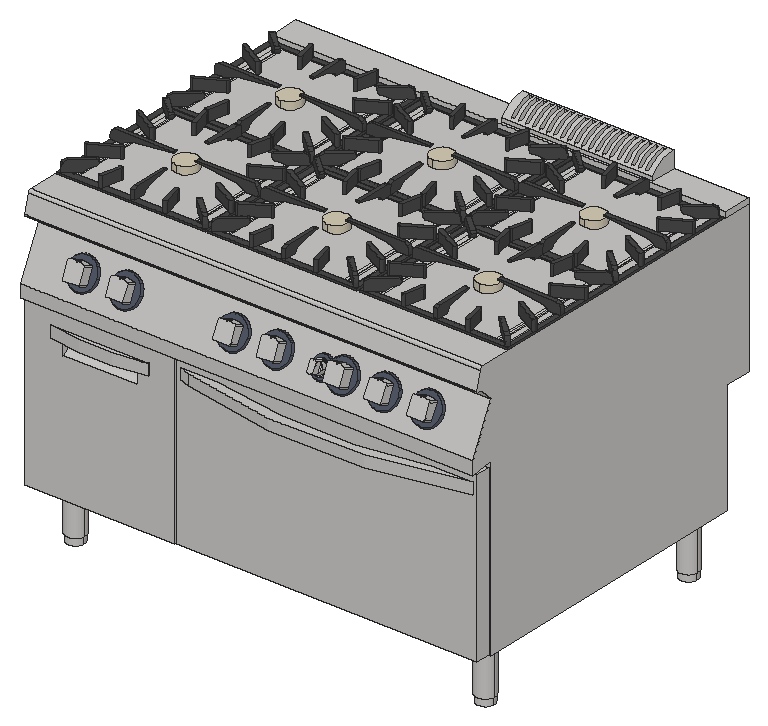
Revit family "QF_ZANUSSI_392013_Z9GCGL6S10", category Specialty Equipment, Revit 2018 (continued)
Dimensions and locks
  plane 13 to plane 1 "BACK" = 128 mm
  plane 9 "Base" to plane 2 = 150 mm
  plane 14 to plane 13 = 674 mm
  plane 15 to plane 1 "BACK" = 1309 mm
  Extrusion 3 sketch curve to plane 1 "BACK" = 665 mm
  Extrusion 3 sketch curve to plane 4 "RIGHT" = 51 mm
  plane 16 to plane 1 "BACK" = 665 mm
  plane 6 "TOP" to plane 2 = 908 mm
  plane 10 to plane 2 = 850 mm
  Extrusion 4 sketch curve to Extrusion 4 sketch curve = 100 mm
  aligned and locked: level to plane 2
  aligned and locked: plane 4 "RIGHT" to Extrusion 1
  aligned and locked: plane 4 "RIGHT" to Extrusion 2
Automatic sketch dimensions
  Extrusion 1 sketch curve to plane 11 = 0 mm
  Extrusion 1 sketch curve to plane 10 = 0 mm
  Extrusion 1 sketch curve to plane 9 "Base" = 0 mm
  Extrusion 1 sketch curve to plane 1 "BACK" = 0 mm
  plane 9 "Base" to Extrusion 1 sketch curve = 5 mm
  Extrusion 1 sketch curve to plane 11 = 15 mm
  Extrusion 1 sketch curve to plane 11 = 15.116 mm
  Extrusion 1 sketch curve to Extrusion 1 sketch curve = 2.884 mm
  Extrusion 1 sketch curve to plane 10 = 7.474 mm
  Extrusion 1 sketch curve to plane 11 = 28.167 mm
  Extrusion 1 sketch curve to Extrusion 1 sketch curve = 10.198 mm
  Extrusion 1 sketch curve to Extrusion 1 sketch curve = 40 mm
  Extrusion 1 sketch curve to Extrusion 1 sketch curve = 1.355 mm
  Extrusion 1 sketch curve to Extrusion 1 sketch curve = 0.445 mm
  Extrusion 1 sketch curve to Extrusion 1 sketch curve = 5 mm
  Extrusion 1 sketch curve to Extrusion 1 sketch curve = 31.82 mm  (x2)
  Extrusion 1 sketch curve to plane 13 = 57 mm
  Extrusion 1 sketch curve to Extrusion 1 sketch curve = 300 mm
  Extrusion 1 sketch curve to Extrusion 1 sketch curve = 242.526 mm
  Extrusion 1 sketch curve to Extrusion 1 sketch curve = 5.508 mm
  Extrusion 1 sketch curve to Extrusion 1 sketch curve = 10.259 mm
  Extrusion 1 sketch curve to Extrusion 1 sketch curve = 35 mm
  Extrusion 1 sketch curve to Extrusion 1 sketch curve = 81.162 mm
  Extrusion 1 sketch curve to Extrusion 1 sketch curve = 3 mm
  Extrusion 5 sketch curve to plane 1 "BACK" = 0 mm
  Extrusion 5 sketch curve to plane 6 "TOP" = 0 mm
  plane 1 "BACK" to Extrusion 5 sketch curve = 1.769 mm
  plane 10 to Extrusion 5 sketch curve = 23.813 mm
  plane 1 "BACK" to Extrusion 5 sketch curve = 69.85 mm
  plane 10 to Extrusion 5 sketch curve = 14.288 mm
  Extrusion 12 sketch curve to plane 7 "Center Y" = 202.5 mm
  Extrusion 12 sketch curve to Extrusion 12 sketch curve = 5 mm
  plane 9 "Base" to Extrusion 12 sketch curve = 5 mm
  Extrusion 12 sketch curve to plane 10 = 250 mm
  plane 15 to Extrusion 13 sketch curve = 0.028 mm
  plane 9 "Base" to Extrusion 13 sketch curve = 5 mm
  Extrusion 13 sketch curve to plane 11 = 15 mm
  plane 9 "Base" to Extrusion 13 sketch curve = 6.461 mm
  Extrusion 13 sketch curve to Extrusion 13 sketch curve = 36.025 mm
  Extrusion 16 sketch curve to plane 11 = 12.909 mm
  Extrusion 16 sketch curve to plane 11 = 15 mm
  Extrusion 16 sketch curve to Extrusion 16 sketch curve = 22 mm
  plane 9 "Base" to Extrusion 16 sketch curve = 347 mm
  Extrusion 16 sketch curve to Extrusion 16 sketch curve = 26 mm
  plane 7 "Center Y" to Blend 18 sketch curve = 179.5 mm  (x2)
  Blend 18 sketch curve to Blend 18 sketch curve = 53 mm  (x2)
  Blend 18 sketch curve to Blend 18 sketch curve = 0 mm  (x2)
  Blend 18 sketch curve to Blend 18 sketch curve = 17.95 mm
  Blend 18 sketch curve to Blend 18 sketch curve = 24.037 mm
  Blend 18 sketch curve to Blend 18 sketch curve = 18.422 mm
  Blend 18 sketch curve to Blend 18 sketch curve = 21.086 mm
  plane 7 "Center Y" to Extrusion 19 sketch curve = 177.499 mm
  plane 7 "Center Y" to Extrusion 20 sketch curve = 160.607 mm
  Extrusion 20 sketch curve to Extrusion 20 sketch curve = 6.058 mm
  Extrusion 20 sketch curve to Extrusion 20 sketch curve = 0.01 mm  (x2)
  Extrusion 20 sketch curve to Extrusion 20 sketch curve = 8.895 mm  (x2)
  Extrusion 20 sketch curve to Extrusion 20 sketch curve = 15.995 mm
  Extrusion 20 sketch curve to Extrusion 20 sketch curve = 2.827 mm  (x3)
  Extrusion 20 sketch curve to Extrusion 20 sketch curve = 0 mm
  Extrusion 20 sketch curve to Extrusion 20 sketch curve = 15.163 mm
  Extrusion 20 sketch curve to Extrusion 20 sketch curve = 15.173 mm
  plane 7 "Center Y" to Extrusion 21 sketch curve = 209.5 mm
  Extrusion 21 sketch curve to Extrusion 21 sketch curve = 2.997 mm  (x3)
  Extrusion 21 sketch curve to Extrusion 21 sketch curve = 20.003 mm  (x2)
  Extrusion 21 sketch curve to Extrusion 21 sketch curve = 40.005 mm
  Extrusion 21 sketch curve to Extrusion 21 sketch curve = 5.399 mm
  Extrusion 21 sketch curve to Extrusion 21 sketch curve = 40.037 mm
  Extrusion 21 sketch curve to Extrusion 21 sketch curve = 0 mm  (x2)
  Split face 27 sketch curve to Split face 27 sketch curve = 2.545 mm
  Split face 27 sketch curve to Split face 27 sketch curve = 4.379 mm
  Extrusion 24 sketch curve to plane 11 = 9.394 mm
  Extrusion 24 sketch curve to plane 10 = 111.98 mm
  Extrusion 24 sketch curve to Extrusion 24 sketch curve = 3 mm
  Extrusion 24 sketch curve to Extrusion 24 sketch curve = 0 mm  (x2)
  Extrusion 24 sketch curve to Extrusion 24 sketch curve = 1 mm
  Extrusion 24 sketch curve to Extrusion 24 sketch curve = 15 mm
  Extrusion 26 sketch curve to plane 11 = 9.394 mm
  Extrusion 26 sketch curve to plane 10 = 111.98 mm
  Extrusion 26 sketch curve to Extrusion 26 sketch curve = 3 mm
  Extrusion 26 sketch curve to Extrusion 26 sketch curve = 0 mm
  Extrusion 26 sketch curve to Extrusion 26 sketch curve = 1 mm  (x2)
  Extrusion 26 sketch curve to Extrusion 26 sketch curve = 15 mm
  plane 7 "Center Y" to Extrusion 30 sketch curve = 177.499 mm
  Extrusion 31 sketch curve to plane 11 = 9.394 mm
  Extrusion 31 sketch curve to plane 10 = 111.98 mm
  Extrusion 31 sketch curve to Extrusion 31 sketch curve = 3 mm
  Extrusion 31 sketch curve to Extrusion 31 sketch curve = 0 mm  (x2)
  Extrusion 31 sketch curve to Extrusion 31 sketch curve = 1 mm
  Extrusion 31 sketch curve to Extrusion 31 sketch curve = 15 mm
  plane 17 to Blend 32 sketch curve = 34.999 mm  (x2)
  plane 17 to Extrusion 33 sketch curve = 57.999 mm
  Extrusion 33 sketch curve to Extrusion 33 sketch curve = 2.997 mm  (x3)
  Extrusion 33 sketch curve to Extrusion 33 sketch curve = 20.003 mm
  plane 17 to Extrusion 33 sketch curve = 14.996 mm  (x2)
  Extrusion 33 sketch curve to Extrusion 33 sketch curve = 5.399 mm
  Extrusion 33 sketch curve to Extrusion 33 sketch curve = 40.037 mm
  Extrusion 33 sketch curve to Extrusion 33 sketch curve = 0 mm  (x2)
  Extrusion 34 sketch curve to plane 11 = 9.394 mm
  Extrusion 34 sketch curve to plane 10 = 111.98 mm
  Extrusion 34 sketch curve to Extrusion 34 sketch curve = 3 mm
  Extrusion 34 sketch curve to Extrusion 34 sketch curve = 0 mm  (x2)
  Extrusion 34 sketch curve to Extrusion 34 sketch curve = 1 mm
  Extrusion 34 sketch curve to Extrusion 34 sketch curve = 15 mm
  plane 17 to Extrusion 35 sketch curve = 52.499 mm
  plane 17 to Extrusion 35 sketch curve = 17.499 mm
  Extrusion 35 sketch curve to Extrusion 35 sketch curve = 35 mm
  Extrusion 36 sketch curve to plane 11 = 9.394 mm
  Extrusion 36 sketch curve to plane 10 = 111.98 mm
  Extrusion 36 sketch curve to Extrusion 36 sketch curve = 3 mm
  Extrusion 36 sketch curve to Extrusion 36 sketch curve = 0 mm
  Extrusion 36 sketch curve to Extrusion 36 sketch curve = 1 mm  (x2)
  Extrusion 36 sketch curve to Extrusion 36 sketch curve = 15 mm
  Extrusion 37 sketch curve to plane 17 = 97.501 mm
  Extrusion 37 sketch curve to Extrusion 37 sketch curve = 35 mm  (x2)
  Blend 38 sketch curve to plane 17 = 80.001 mm  (x2)
  Extrusion 39 sketch curve to plane 17 = 103.001 mm
  Extrusion 39 sketch curve to Extrusion 39 sketch curve = 2.997 mm  (x3)
  Extrusion 39 sketch curve to Extrusion 39 sketch curve = 20.003 mm  (x2)
  Extrusion 39 sketch curve to Extrusion 39 sketch curve = 40.005 mm
  Extrusion 39 sketch curve to Extrusion 39 sketch curve = 0 mm  (x2)
  Extrusion 39 sketch curve to Extrusion 39 sketch curve = 40.037 mm
  Extrusion 39 sketch curve to Extrusion 39 sketch curve = 5.399 mm
  Split face 45 sketch curve to Split face 45 sketch curve = 6 mm
  Split face 45 sketch curve to Split face 45 sketch curve = 10 mm
  Split face 46 sketch curve to Split face 46 sketch curve = 5 mm
  Split face 46 sketch curve to Split face 46 sketch curve = 9 mm
  Split face 47 sketch curve to Split face 47 sketch curve = 5 mm
  Split face 48 sketch curve to Split face 48 sketch curve = 5 mm
  Split face 49 sketch curve to Split face 49 sketch curve = 6 mm
  Split face 49 sketch curve to Split face 49 sketch curve = 10 mm
  Split face 50 sketch curve to Split face 50 sketch curve = 5 mm
  Split face 50 sketch curve to Split face 50 sketch curve = 9 mm
  Split face 51 sketch curve to Split face 51 sketch curve = 5 mm
  Split face 52 sketch curve to Split face 52 sketch curve = 5 mm
  Blend 40 sketch curve to plane 7 "Center Y" = 57.5 mm  (x2)
  Extrusion 41 sketch curve to plane 7 "Center Y" = 80.5 mm
  Extrusion 41 sketch curve to Extrusion 41 sketch curve = 2.997 mm  (x3)
  Extrusion 41 sketch curve to Extrusion 41 sketch curve = 20.003 mm  (x2)
  Extrusion 41 sketch curve to plane 7 "Center Y" = 37.497 mm
  Extrusion 41 sketch curve to Extrusion 41 sketch curve = 5.399 mm
  Extrusion 41 sketch curve to Extrusion 41 sketch curve = 40.037 mm
  Extrusion 41 sketch curve to Extrusion 41 sketch curve = 0 mm  (x2)
  Extrusion 42 sketch curve to plane 11 = 9.394 mm
  Extrusion 42 sketch curve to plane 10 = 111.98 mm
  Extrusion 42 sketch curve to Extrusion 42 sketch curve = 3 mm
  Extrusion 42 sketch curve to Extrusion 42 sketch curve = 0 mm  (x2)
  Extrusion 42 sketch curve to Extrusion 42 sketch curve = 1 mm
  Extrusion 42 sketch curve to Extrusion 42 sketch curve = 15 mm
  Extrusion 43 sketch curve to plane 7 "Center Y" = 75 mm
  Extrusion 43 sketch curve to plane 7 "Center Y" = 40 mm
  Extrusion 43 sketch curve to Extrusion 43 sketch curve = 35 mm
  Extrusion 44 sketch curve to plane 11 = 9.394 mm
  Extrusion 44 sketch curve to plane 10 = 111.98 mm
  Extrusion 44 sketch curve to Extrusion 44 sketch curve = 3 mm
  Extrusion 44 sketch curve to Extrusion 44 sketch curve = 0 mm
  Extrusion 44 sketch curve to Extrusion 44 sketch curve = 1 mm  (x2)
  Extrusion 44 sketch curve to Extrusion 44 sketch curve = 15 mm
  plane 7 "Center Y" to Extrusion 45 sketch curve = 75 mm
  Extrusion 45 sketch curve to Extrusion 45 sketch curve = 35 mm  (x2)
  plane 7 "Center Y" to Blend 46 sketch curve = 57.5 mm  (x2)
  plane 7 "Center Y" to Extrusion 47 sketch curve = 80.5 mm
  Extrusion 47 sketch curve to Extrusion 47 sketch curve = 2.997 mm  (x3)
  Extrusion 47 sketch curve to Extrusion 47 sketch curve = 20.003 mm  (x2)
  Extrusion 47 sketch curve to Extrusion 47 sketch curve = 40.005 mm
  Extrusion 47 sketch curve to Extrusion 47 sketch curve = 0 mm  (x2)
  Extrusion 47 sketch curve to Extrusion 47 sketch curve = 40.037 mm
  Extrusion 47 sketch curve to Extrusion 47 sketch curve = 5.399 mm
  Split face 61 sketch curve to Split face 61 sketch curve = 6 mm
  Split face 61 sketch curve to Split face 61 sketch curve = 10 mm
  Split face 62 sketch curve to Split face 62 sketch curve = 5 mm
  Split face 62 sketch curve to Split face 62 sketch curve = 9 mm
  Split face 63 sketch curve to Split face 63 sketch curve = 5 mm
  Split face 64 sketch curve to Split face 64 sketch curve = 5 mm
  Split face 65 sketch curve to Split face 65 sketch curve = 6 mm
  Split face 65 sketch curve to Split face 65 sketch curve = 10 mm
  Split face 66 sketch curve to Split face 66 sketch curve = 5 mm
  Split face 66 sketch curve to Split face 66 sketch curve = 9 mm
  Split face 67 sketch curve to Split face 67 sketch curve = 5 mm
  Split face 68 sketch curve to Split face 68 sketch curve = 5 mm
  plane 11 to curve 9 = 0 mm
  curve 2 to plane 4 "RIGHT" = 0 mm
  plane 1 "BACK" to curve 90 = 0 mm
  plane 11 to curve 184 = 0 mm
  curve 184 to plane 15 = 0 mm
  curve 1 to plane 3 "LEFT" = 0 mm
  plane 11 to curve 7 = 0 mm
  plane 11 to curve 5 = 0 mm
  plane 11 to curve 4 = 0 mm
  plane 4 "RIGHT" to curve 8 = 100 mm
  plane 1 "BACK" to curve 61 = 6.761 mm
  curve 61 to plane 4 "RIGHT" = 212.447 mm
  curve 58 to curve 60 = 9.296 mm
  curve 60 to curve 65 = 9.397 mm
  curve 62 to curve 64 = 9.296 mm
  curve 64 to curve 66 = 9.397 mm
  curve 66 to curve 68 = 9.296 mm
  curve 68 to curve 73 = 9.397 mm
  curve 70 to curve 72 = 9.296 mm
  curve 71 to curve 74 = 9.397 mm
  curve 74 to curve 76 = 9.296 mm
  curve 76 to curve 81 = 9.397 mm
  curve 78 to curve 80 = 9.296 mm
  curve 79 to curve 83 = 9.397 mm
  curve 82 to curve 83 = 9.296 mm
  curve 84 to curve 86 = 9.397 mm
  curve 86 to curve 89 = 9.296 mm
  curve 88 to curve 14 = 9.397 mm
  curve 14 to curve 16 = 9.296 mm
  curve 16 to curve 21 = 9.397 mm
  curve 18 to curve 20 = 9.296 mm
  curve 20 to curve 22 = 9.397 mm
  curve 22 to curve 24 = 9.296 mm
  curve 23 to curve 27 = 9.397 mm
  curve 26 to curve 28 = 9.296 mm
  curve 28 to curve 30 = 9.397 mm
  curve 30 to curve 32 = 9.296 mm
  curve 32 to curve 34 = 9.397 mm
  curve 34 to curve 37 = 9.296 mm
  curve 36 to curve 38 = 9.397 mm
  curve 38 to curve 40 = 9.296 mm
  curve 39 to curve 42 = 9.397 mm
  curve 42 to curve 44 = 9.296 mm
  curve 44 to curve 46 = 9.397 mm
  curve 46 to curve 48 = 9.296 mm
  curve 48 to curve 50 = 9.397 mm
  curve 50 to curve 51 = 9.296 mm
  curve 52 to curve 54 = 9.397 mm
  curve 54 to curve 56 = 9.296 mm
  curve 56 to curve 13 = 9.397 mm
  curve 10 to curve 12 = 9.296 mm
  curve 184 to plane 7 "Center Y" = 197.5 mm
  curve 7 to plane 3 "LEFT" = 100 mm
  curve 8 to plane 1 "BACK" = 100 mm
  plane 1 "BACK" to curve 85 = 6.761 mm
  plane 1 "BACK" to curve 88 = 6.761 mm
  plane 1 "BACK" to curve 45 = 6.761 mm
  plane 1 "BACK" to curve 81 = 6.761 mm
  plane 1 "BACK" to curve 10 = 6.761 mm
  plane 1 "BACK" to curve 77 = 6.761 mm
  plane 1 "BACK" to curve 14 = 6.761 mm
  plane 1 "BACK" to curve 73 = 6.761 mm
  plane 1 "BACK" to curve 18 = 6.761 mm
  plane 1 "BACK" to curve 69 = 6.761 mm
  plane 1 "BACK" to curve 22 = 6.761 mm
  plane 1 "BACK" to curve 65 = 6.761 mm
  plane 1 "BACK" to curve 26 = 6.761 mm
  plane 1 "BACK" to curve 30 = 6.761 mm
  plane 1 "BACK" to curve 57 = 6.761 mm
  plane 1 "BACK" to curve 34 = 6.761 mm
  plane 1 "BACK" to curve 53 = 6.761 mm
  plane 1 "BACK" to curve 38 = 6.761 mm
  plane 1 "BACK" to curve 49 = 6.761 mm
  curve 46 to curve 47 = 57.15 mm
  curve 46 to curve 44 = 0 mm
  curve 42 to curve 40 = 0 mm
  curve 50 to curve 47 = 0 mm
  curve 38 to curve 36 = 0 mm
  curve 54 to curve 51 = 0 mm
  curve 34 to curve 32 = 0 mm
  curve 58 to curve 58 = 57.15 mm
  curve 30 to curve 28 = 0 mm
  curve 62 to curve 59 = 0 mm
  curve 26 to curve 24 = 0 mm
  curve 66 to curve 63 = 0 mm
  curve 22 to curve 20 = 0 mm
  curve 70 to curve 67 = 0 mm
  curve 18 to curve 16 = 0 mm
  curve 74 to curve 71 = 0 mm
  curve 12 to curve 55 = 0 mm
  curve 78 to curve 75 = 0 mm
  curve 14 to curve 86 = 0 mm
  curve 82 to curve 79 = 0 mm
  curve 90 to curve 58 = 14.847 mm
  plane 7 "Center Y" to curve 91 = 2.4 mm
  curve 11 to curve 91 = 5.939 mm
  curve 58 to curve 90 = 5.939 mm
  plane 15 to curve 1 = 36.871 mm
  Extrusion 2 sketch curve to Extrusion 1 = 0 mm  (x2)
  Extrusion 2 sketch curve to Extrusion 1 = 5.2 mm
  Extrusion 1 to Extrusion 2 sketch curve = 14.288 mm
  plane 11 to Extrusion 4 sketch curve = 0 mm  (x2)
  plane 1 "BACK" to Extrusion 4 sketch curve = 0 mm
  Extrusion 4 sketch curve to plane 3 "LEFT" = 0 mm
  Extrusion 4 sketch curve to plane 4 "RIGHT" = 0 mm
  Extrusion 4 sketch curve to plane 3 "LEFT" = 100 mm
  plane 4 "RIGHT" to Extrusion 4 sketch curve = 100 mm
  Revolve 6 sketch curve to plane 9 "Base" = 0 mm  (x2)
  Revolve 6 sketch curve to level = 0 mm
  plane 3 "LEFT" to Revolve 6 sketch curve = 30.6 mm
  Revolve 6 sketch curve to Revolve 6 sketch curve = 2.5 mm
  Revolve 6 sketch curve to Revolve 6 sketch curve = 25.4 mm
  level to Revolve 6 sketch curve = 19.05 mm
  Revolve 6 sketch curve to Revolve 6 sketch curve = 0 mm
  plane 9 "Base" to Revolve 6 sketch curve = 20 mm
  Revolve 7 sketch curve to plane 9 "Base" = 0 mm  (x2)
  Revolve 7 sketch curve to level = 0 mm
  Revolve 7 sketch curve to plane 4 "RIGHT" = 30.6 mm
  Revolve 7 sketch curve to Revolve 7 sketch curve = 2.5 mm
  Revolve 7 sketch curve to Revolve 7 sketch curve = 25.4 mm
  level to Revolve 7 sketch curve = 19.05 mm
  Revolve 7 sketch curve to Revolve 7 sketch curve = 0 mm
  plane 9 "Base" to Revolve 7 sketch curve = 20 mm
  Revolve 8 sketch curve to plane 9 "Base" = 0 mm  (x2)
  Revolve 8 sketch curve to level = 0 mm
  plane 3 "LEFT" to Revolve 8 sketch curve = 30.6 mm
  Revolve 8 sketch curve to Revolve 8 sketch curve = 2.5 mm
  Revolve 8 sketch curve to Revolve 8 sketch curve = 25.4 mm
  level to Revolve 8 sketch curve = 19.05 mm
  Revolve 8 sketch curve to Revolve 8 sketch curve = 0 mm
  plane 9 "Base" to Revolve 8 sketch curve = 20 mm
  Revolve 9 sketch curve to plane 9 "Base" = 0 mm  (x2)
  Revolve 9 sketch curve to level = 0 mm
  Revolve 9 sketch curve to plane 4 "RIGHT" = 30.6 mm
  Revolve 9 sketch curve to Revolve 9 sketch curve = 2.5 mm
  Revolve 9 sketch curve to Revolve 9 sketch curve = 25.4 mm
  level to Revolve 9 sketch curve = 19.05 mm
  Revolve 9 sketch curve to Revolve 9 sketch curve = 0 mm
  plane 9 "Base" to Revolve 9 sketch curve = 20 mm
  Extrusion 10 sketch curve to plane 4 "RIGHT" = 43 mm
  plane 16 to Extrusion 10 sketch curve = 89 mm
  plane 1 "BACK" to Extrusion 11 sketch curve = 63.911 mm  (x2)
  Extrusion 11 sketch curve to plane 4 "RIGHT" = 212.447 mm
  Extrusion 11 sketch curve to Extrusion 11 sketch curve = 9.296 mm  (x20)
  Extrusion 11 sketch curve to Extrusion 11 sketch curve = 9.397 mm  (x19)
  Extrusion 11 sketch curve to Extrusion 11 sketch curve = 0 mm  (x18)
  plane 1 "BACK" to Extrusion 11 sketch curve = 6.761 mm  (x20)
  Extrusion 14 sketch curve to Extrusion 14 sketch curve = 0 mm  (x6)
  Extrusion 14 sketch curve to plane 4 "RIGHT" = 10 mm
  Extrusion 14 sketch curve to plane 11 = 15 mm  (x2)
  Extrusion 14 sketch curve to Extrusion 14 sketch curve = 93.605 mm
  plane 7 "Center Y" to Extrusion 14 sketch curve = 200 mm
  Extrusion 14 sketch curve to plane 1 "BACK" = 337.5 mm
  Extrusion 14 sketch curve to plane 11 = 4.65 mm
  Extrusion 15 sketch curve to plane 11 = 15 mm
  Extrusion 15 sketch curve to plane 17 = 152.774 mm
  Extrusion 15 sketch curve to plane 17 = 22.501 mm
  plane 3 "LEFT" to Extrusion 15 sketch curve = 69.727 mm
  plane 8 "Center X" to Extrusion 15 sketch curve = 44.497 mm
  Extrusion 15 sketch curve to Extrusion 15 sketch curve = 0.915 mm
  Extrusion 17 sketch curve to plane 3 "LEFT" = 0 mm
  Extrusion 17 sketch curve to Extrusion 17 sketch curve = 1.271 mm
  Extrusion 17 sketch curve to plane 11 = 42.863 mm
  Extrusion 17 sketch curve to plane 7 "Center Y" = 201.277 mm
  Blend 22 sketch curve to plane 4 "RIGHT" = 257.5 mm  (x2)
  Extrusion 23 sketch curve to plane 4 "RIGHT" = 280.5 mm
  Extrusion 23 sketch curve to Extrusion 23 sketch curve = 2.997 mm  (x3)
  Extrusion 23 sketch curve to Extrusion 23 sketch curve = 20.003 mm  (x2)
  Extrusion 23 sketch curve to Extrusion 23 sketch curve = 40.005 mm
  Extrusion 23 sketch curve to Extrusion 23 sketch curve = 5.399 mm
  Extrusion 23 sketch curve to Extrusion 23 sketch curve = 40.037 mm
  Extrusion 23 sketch curve to Extrusion 23 sketch curve = 0 mm  (x2)
  Extrusion 25 sketch curve to plane 4 "RIGHT" = 275 mm
  Extrusion 25 sketch curve to Extrusion 25 sketch curve = 35 mm  (x2)
  Extrusion 27 sketch curve to plane 4 "RIGHT" = 125 mm
  Extrusion 27 sketch curve to Extrusion 27 sketch curve = 35 mm  (x2)
  Blend 28 sketch curve to plane 4 "RIGHT" = 142.5 mm  (x2)
  Extrusion 29 sketch curve to plane 4 "RIGHT" = 119.5 mm
  Extrusion 29 sketch curve to Extrusion 29 sketch curve = 2.997 mm  (x3)
  Extrusion 29 sketch curve to Extrusion 29 sketch curve = 20.003 mm  (x2)
  Extrusion 29 sketch curve to Extrusion 29 sketch curve = 40.005 mm
  Extrusion 29 sketch curve to Extrusion 29 sketch curve = 0 mm  (x2)
  Extrusion 29 sketch curve to Extrusion 29 sketch curve = 40.037 mm
  Extrusion 29 sketch curve to Extrusion 29 sketch curve = 5.399 mm
  Split face 29 sketch curve to Split face 29 sketch curve = 6 mm
  Split face 29 sketch curve to Split face 29 sketch curve = 10 mm
  Split face 30 sketch curve to Split face 30 sketch curve = 5 mm
  Split face 30 sketch curve to Split face 30 sketch curve = 9 mm
  Split face 31 sketch curve to Split face 31 sketch curve = 5 mm
  Split face 32 sketch curve to Split face 32 sketch curve = 5 mm
  Split face 33 sketch curve to Split face 33 sketch curve = 6 mm
  Split face 33 sketch curve to Split face 33 sketch curve = 10 mm
  Split face 34 sketch curve to Split face 34 sketch curve = 5 mm
  Split face 34 sketch curve to Split face 34 sketch curve = 9 mm
  Split face 35 sketch curve to Split face 35 sketch curve = 5 mm
  Split face 36 sketch curve to Split face 36 sketch curve = 5 mm
  curve 230 to plane 11 = 17.937 mm
  plane 7 "Center Y" to curve 230 = 177.499 mm
  curve 225 to curve 230 = 0.001 mm
  curve 223 to curve 225 = 7.996 mm
  curve 226 to curve 226 = 2.259 mm
  curve 225 to curve 226 = 0.319 mm
  curve 225 to curve 223 = 3.717 mm
  curve 226 to curve 225 = 1.423 mm
  curve 229 to curve 225 = 4.288 mm
  curve 225 to curve 224 = 0.001 mm
  curve 227 to curve 227 = 0.865 mm
  curve 227 to curve 227 = 2.495 mm
  curve 227 to curve 224 = 0.141 mm
  curve 222 to curve 224 = 3.718 mm
  curve 224 to curve 225 = 4.284 mm
  curve 225 to curve 224 = 0 mm
  curve 230 to curve 225 = 2.937 mm
  curve 230 to curve 224 = 2.937 mm
  curve 225 to curve 229 = 0 mm
  curve 228 to curve 224 = 0 mm
  curve 225 to curve 223 = 1.224 mm
  curve 224 to curve 222 = 1.224 mm
  curve 228 to curve 228 = 4.847 mm
  curve 230 to curve 224 = 7.784 mm
  curve 228 to curve 225 = 0.003 mm
  curve 229 to curve 229 = 4.85 mm
  curve 225 to curve 226 = 0.047 mm
  curve 227 to curve 227 = 2.86 mm
  curve 227 to curve 222 = 10.261 mm
  curve 181 to curve 182 = 0 mm  (x2)
  curve 181 to curve 183 = 0 mm  (x2)
  curve 181 to curve 203 = 0 mm  (x2)
  curve 159 to plane 3 "LEFT" = 0 mm
  curve 93 to plane 3 "LEFT" = 0 mm
  curve 185 to plane 3 "LEFT" = 0 mm
  curve 158 to plane 3 "LEFT" = 0 mm
  plane 11 to curve 220 = 0 mm
  plane 11 to curve 221 = 0 mm
  curve 163 to plane 4 "RIGHT" = 0 mm
  curve 93 to plane 4 "RIGHT" = 0 mm
  curve 158 to plane 4 "RIGHT" = 0 mm
  curve 185 to plane 3 "LEFT" = 1.271 mm
  plane 11 to curve 94 = 9.347 mm
  plane 17 to curve 94 = 57.999 mm
  curve 95 to curve 95 = 0.809 mm
  curve 98 to curve 98 = 1.583 mm
  curve 95 to curve 96 = 1.846 mm
  curve 95 to curve 109 = 2.189 mm
  curve 94 to curve 97 = 11.892 mm
  curve 101 to plane 11 = 9.329 mm
  curve 98 to curve 101 = 20.417 mm
  plane 17 to curve 99 = 35.868 mm
  curve 99 to curve 108 = 1.738 mm
  curve 100 to curve 102 = 2 mm
  curve 97 to curve 106 = 22.215 mm
  plane 17 to curve 109 = 14.996 mm
  curve 105 to curve 105 = 0.343 mm
  plane 17 to curve 107 = 13.582 mm
  curve 109 to curve 104 = 2.189 mm
  curve 104 to curve 103 = 0.809 mm
  plane 11 to curve 110 = 9.347 mm
  curve 110 to plane 17 = 57.001 mm
  curve 111 to curve 111 = 0.809 mm
  curve 114 to curve 114 = 1.583 mm
  curve 111 to curve 112 = 1.846 mm
  curve 111 to curve 125 = 2.189 mm
  curve 110 to curve 113 = 11.892 mm
  curve 117 to plane 11 = 9.329 mm
  curve 114 to curve 117 = 20.417 mm
  curve 115 to plane 17 = 79.132 mm
  curve 115 to curve 124 = 1.738 mm
  curve 116 to curve 118 = 2 mm
  curve 113 to curve 122 = 22.215 mm
  curve 117 to curve 125 = 19.003 mm
  curve 121 to curve 121 = 0.343 mm
  curve 121 to curve 123 = 1.071 mm
  curve 121 to curve 120 = 2.189 mm
  curve 120 to curve 119 = 0.809 mm
  plane 11 to curve 204 = 9.347 mm
  curve 204 to plane 7 "Center Y" = 80.5 mm
  curve 204 to curve 205 = 0.809 mm
  curve 208 to curve 208 = 1.583 mm
  curve 205 to curve 206 = 1.846 mm
  curve 204 to curve 207 = 11.892 mm
  curve 210 to plane 11 = 9.329 mm
  curve 208 to curve 210 = 20.417 mm
  curve 209 to plane 7 "Center Y" = 58.369 mm
  curve 209 to curve 218 = 1.738 mm
  curve 210 to curve 211 = 2 mm
  curve 207 to curve 216 = 22.215 mm
  curve 211 to curve 219 = 19.003 mm
  curve 215 to curve 215 = 0.343 mm
  curve 215 to curve 217 = 1.071 mm
  curve 215 to curve 214 = 2.189 mm
  curve 214 to curve 213 = 0.809 mm
  plane 11 to curve 186 = 9.347 mm
  plane 7 "Center Y" to curve 186 = 34.5 mm
  curve 186 to curve 187 = 0.809 mm
  curve 190 to curve 190 = 1.583 mm
  curve 187 to curve 188 = 1.846 mm
  curve 186 to curve 189 = 11.892 mm
  curve 193 to plane 11 = 9.329 mm
  curve 190 to curve 193 = 20.417 mm
  plane 7 "Center Y" to curve 191 = 56.631 mm
  curve 191 to curve 200 = 1.738 mm
  curve 192 to curve 193 = 2 mm
  curve 189 to curve 198 = 22.215 mm
  curve 193 to curve 202 = 19.003 mm
  curve 202 to curve 197 = 0.343 mm
  curve 197 to curve 199 = 1.071 mm
  curve 202 to curve 196 = 2.189 mm
  curve 196 to curve 195 = 0.809 mm
  curve 231 to plane 11 = 13.86 mm
  curve 195 to curve 231 = 87.327 mm
  curve 231 to curve 232 = 19.344 mm
  plane 7 "Center Y" to curve 183 = 200 mm
  plane 11 to curve 126 = 9.347 mm
  curve 232 to curve 126 = 22.329 mm
  curve 127 to curve 127 = 0.809 mm
  curve 130 to curve 130 = 1.583 mm
  curve 127 to curve 128 = 1.846 mm
  curve 127 to curve 141 = 2.189 mm
  curve 126 to curve 129 = 11.892 mm
  curve 133 to plane 11 = 9.329 mm
  curve 130 to curve 133 = 20.417 mm
  curve 128 to curve 131 = 19.134 mm
  curve 131 to curve 140 = 1.738 mm
  curve 132 to curve 134 = 2 mm
  curve 129 to curve 138 = 22.215 mm
  curve 133 to curve 141 = 19.003 mm
  curve 141 to curve 137 = 0.343 mm
  curve 137 to curve 139 = 1.071 mm
  curve 141 to curve 136 = 2.189 mm
  curve 136 to curve 135 = 0.809 mm
  plane 11 to curve 164 = 9.347 mm
  curve 135 to curve 164 = 64 mm
  curve 165 to curve 165 = 0.809 mm
  curve 168 to curve 168 = 1.583 mm
  curve 165 to curve 166 = 1.846 mm
  curve 165 to curve 179 = 2.189 mm
  curve 164 to curve 167 = 11.892 mm
  curve 170 to plane 11 = 9.329 mm
  curve 168 to curve 170 = 20.417 mm
  curve 166 to curve 169 = 19.134 mm
  curve 169 to curve 178 = 1.738 mm
  curve 170 to curve 172 = 2 mm
  curve 167 to curve 176 = 22.215 mm
  curve 171 to curve 179 = 19.003 mm
  curve 179 to curve 175 = 0.343 mm
  curve 175 to curve 177 = 1.071 mm
  curve 175 to curve 174 = 2.189 mm
  curve 174 to curve 173 = 0.809 mm
  plane 11 to curve 142 = 9.347 mm
  curve 173 to curve 142 = 69 mm
  curve 143 to curve 143 = 0.809 mm
  curve 146 to curve 146 = 1.583 mm
  curve 143 to curve 144 = 1.846 mm
  curve 143 to curve 157 = 2.189 mm
  curve 142 to curve 145 = 11.892 mm
  curve 149 to plane 11 = 9.329 mm
  curve 146 to curve 149 = 20.417 mm
  curve 144 to curve 147 = 19.134 mm
  curve 147 to curve 156 = 1.738 mm
  curve 148 to curve 150 = 2 mm
  curve 145 to curve 154 = 22.215 mm
  curve 149 to curve 157 = 19.003 mm
  curve 153 to curve 153 = 0.343 mm
  curve 153 to curve 155 = 1.071 mm
  curve 157 to curve 152 = 2.189 mm
  curve 152 to curve 151 = 0.809 mm
  curve 119 to curve 220 = 9.347 mm
  curve 109 to curve 95 = 1.333 mm
  plane 11 to curve 179 = 10.68 mm
  curve 125 to curve 111 = 1.333 mm
  plane 11 to curve 219 = 10.68 mm
  plane 11 to curve 141 = 10.68 mm
  plane 11 to curve 202 = 10.68 mm
  plane 11 to curve 157 = 10.68 mm
  curve 115 to curve 112 = 86.839 mm
  curve 99 to curve 96 = 86.839 mm
  curve 209 to curve 206 = 86.839 mm
  curve 191 to curve 183 = 86.839 mm
  curve 191 to curve 200 = 0 mm
  curve 147 to curve 144 = 86.839 mm
  curve 209 to curve 218 = 0 mm
  curve 131 to curve 128 = 86.839 mm
  curve 147 to curve 156 = 0 mm
  curve 169 to curve 183 = 86.839 mm
  curve 115 to curve 124 = 0 mm
  curve 131 to curve 140 = 0 mm
  curve 169 to curve 178 = 0 mm
  curve 99 to curve 108 = 0 mm
  curve 175 to curve 174 = 1.333 mm
  curve 202 to curve 195 = 1.333 mm
  curve 109 to curve 104 = 1.333 mm
  curve 215 to curve 213 = 1.333 mm
  curve 157 to curve 152 = 1.333 mm
  curve 141 to curve 135 = 1.333 mm
  curve 127 to curve 128 = 2.779 mm
  curve 165 to curve 166 = 2.779 mm
  curve 174 to curve 175 = 2.779 mm
  curve 120 to curve 121 = 2.779 mm
  curve 136 to curve 137 = 2.779 mm
  curve 187 to curve 188 = 2.779 mm
  curve 143 to curve 144 = 2.779 mm
  curve 111 to curve 112 = 2.779 mm
  curve 196 to curve 197 = 2.779 mm
  curve 104 to curve 105 = 2.779 mm
  curve 214 to curve 215 = 2.779 mm
  curve 205 to curve 206 = 2.779 mm
  curve 95 to curve 96 = 2.779 mm
  curve 152 to curve 153 = 2.779 mm
  curve 107 to plane 11 = 7.894 mm
  curve 98 to plane 11 = 7.894 mm
  curve 168 to plane 11 = 7.894 mm
  curve 146 to plane 11 = 7.894 mm
  curve 139 to plane 11 = 7.894 mm
  curve 199 to plane 11 = 7.894 mm
  curve 123 to plane 11 = 7.894 mm
  curve 190 to plane 11 = 7.894 mm
  curve 114 to plane 11 = 7.894 mm
  curve 208 to plane 11 = 7.894 mm
  curve 155 to plane 11 = 7.894 mm
  curve 177 to plane 11 = 7.894 mm
  curve 130 to plane 11 = 7.894 mm
  curve 217 to plane 11 = 7.894 mm
  curve 232 to plane 11 = 13.86 mm
  curve 185 to plane 11 = 42.863 mm
  curve 211 to curve 216 = 41.91 mm
  curve 193 to curve 198 = 41.91 mm
  curve 189 to curve 198 = 0 mm
  curve 100 to curve 97 = 41.91 mm
  curve 207 to curve 216 = 0 mm
  curve 97 to curve 106 = 0 mm
  curve 116 to curve 113 = 41.91 mm
  curve 113 to curve 122 = 0 mm
  curve 171 to curve 176 = 41.91 mm
  curve 167 to curve 176 = 0 mm
  curve 149 to curve 154 = 41.91 mm
  curve 145 to curve 154 = 0 mm
  curve 133 to curve 138 = 41.91 mm
  curve 129 to curve 138 = 0 mm
  curve 203 to plane 1 "BACK" = 337.5 mm
  curve 97 to curve 94 = 9.809 mm
  curve 98 to curve 98 = 0.284 mm
  curve 107 to curve 107 = 0.284 mm
  plane 17 to curve 106 = 2.19 mm
  curve 113 to curve 110 = 9.809 mm
  curve 114 to curve 114 = 0.284 mm
  curve 123 to curve 123 = 0.284 mm
  curve 119 to curve 122 = 9.809 mm
  curve 122 to curve 185 = 106.11 mm
  plane 11 to curve 181 = 0.129 mm  (x2)
  curve 181 to curve 220 = 57.77 mm
  curve 207 to curve 204 = 9.809 mm
  curve 206 to curve 205 = 0.277 mm
  curve 208 to curve 208 = 0.284 mm
  curve 217 to curve 217 = 0.284 mm
  curve 213 to curve 216 = 9.809 mm
  plane 11 to curve 203 = 0.129 mm
  curve 221 to curve 203 = 10.499 mm
  plane 7 "Center Y" to curve 92 = 2.4 mm
  curve 189 to curve 186 = 9.809 mm
  curve 187 to curve 187 = 0.277 mm
  curve 221 to curve 188 = 1.654 mm
  curve 190 to curve 190 = 0.284 mm
  curve 188 to curve 183 = 8.772 mm
  curve 199 to curve 199 = 0.284 mm
  curve 195 to curve 198 = 9.809 mm
  curve 231 to curve 231 = 1.229 mm
  curve 231 to curve 231 = 0.445 mm
  plane 11 to curve 201 = 0.129 mm
  curve 201 to curve 231 = 0 mm
  curve 232 to curve 232 = 1.675 mm
  plane 11 to curve 161 = 0.129 mm
  curve 161 to curve 232 = 0 mm
  curve 232 to curve 232 = 0.445 mm
  curve 129 to curve 126 = 9.809 mm
  curve 130 to curve 130 = 0.284 mm
  curve 139 to curve 139 = 0.284 mm
  curve 135 to curve 138 = 9.809 mm
  curve 167 to curve 164 = 9.809 mm
  curve 169 to curve 168 = 0.284 mm
  curve 177 to curve 178 = 0.284 mm
  curve 173 to curve 176 = 9.809 mm
  curve 92 to plane 13 = 58.15 mm
  curve 92 to plane 4 "RIGHT" = 197.6 mm
  plane 11 to curve 182 = 0.129 mm
  curve 182 to curve 180 = 10.499 mm
  curve 145 to curve 142 = 9.809 mm
  curve 147 to curve 146 = 0.284 mm
  curve 155 to curve 155 = 0.284 mm
  curve 151 to curve 154 = 9.809 mm
  plane 11 to curve 162 = 0.129 mm
  plane 11 to curve 159 = 0.129 mm
  plane 11 to curve 160 = 0.129 mm
  curve 98 to curve 98 = 0.567 mm
  curve 155 to curve 155 = 0.567 mm
  curve 208 to curve 208 = 0.567 mm
  curve 130 to curve 130 = 0.567 mm
  curve 199 to curve 199 = 0.567 mm
  curve 168 to curve 168 = 0.567 mm
  curve 123 to curve 123 = 0.567 mm
  curve 114 to curve 114 = 0.567 mm
  curve 177 to curve 177 = 0.567 mm
  curve 146 to curve 146 = 0.567 mm
  curve 139 to curve 139 = 0.567 mm
  curve 217 to curve 217 = 0.567 mm
  curve 190 to curve 190 = 0.567 mm
  curve 107 to curve 107 = 0.567 mm
  curve 130 to curve 129 = 1.156 mm
  curve 93 to plane 13 = 51.8 mm
  radius of Extrusion 19 sketch curve = 20 mm
  radius of Split face 1 sketch curve = 1 mm
  radius of Split face 2 sketch curve = 1 mm
  radius of Split face 3 sketch curve = 1 mm
  radius of Split face 4 sketch curve = 1 mm
  radius of Split face 5 sketch curve = 1 mm
  radius of Split face 6 sketch curve = 1 mm
  radius of Split face 7 sketch curve = 1 mm
  radius of Split face 8 sketch curve = 1 mm
  radius of Split face 9 sketch curve = 1 mm
  radius of Split face 10 sketch curve = 1 mm
  radius of Split face 11 sketch curve = 1 mm
  radius of Split face 12 sketch curve = 1 mm
  radius of Split face 13 sketch curve = 1 mm
  radius of Split face 14 sketch curve = 1 mm
  radius of Split face 15 sketch curve = 1 mm
  radius of Split face 16 sketch curve = 1 mm
  radius of Split face 17 sketch curve = 1 mm
  radius of Split face 18 sketch curve = 1 mm
  radius of Split face 19 sketch curve = 1 mm
  radius of Split face 20 sketch curve = 1 mm
  radius of Split face 21 sketch curve = 1 mm
  radius of Split face 22 sketch curve = 1 mm
  radius of Split face 23 sketch curve = 1 mm
  radius of Split face 24 sketch curve = 1 mm
  radius of Split face 25 sketch curve = 1.508 mm
  radius of Split face 26 sketch curve = 1.343 mm
  radius of Extrusion 30 sketch curve = 16 mm
  radius of Blend 32 sketch curve = 42.5 mm
  radius of Blend 32 sketch curve = 40.5 mm
  radius of Split face 44 sketch curve = 3 mm
  radius of Blend 38 sketch curve = 42.5 mm
  radius of Blend 38 sketch curve = 40.5 mm
  radius of Split face 53 sketch curve = 1.5 mm
  radius of Split face 54 sketch curve = 2.029 mm
  radius of Split face 55 sketch curve = 2.031 mm
  radius of Split face 56 sketch curve = 3.497 mm
  radius of Split face 57 sketch curve = 3.497 mm
  radius of Split face 58 sketch curve = 3 mm
  radius of Split face 59 sketch curve = 1.5 mm
  radius of Blend 40 sketch curve = 42.5 mm
  radius of Blend 40 sketch curve = 40.5 mm
  radius of Split face 60 sketch curve = 3 mm
  radius of Blend 46 sketch curve = 42.5 mm
  radius of Blend 46 sketch curve = 40.5 mm
  radius of Split face 69 sketch curve = 1.5 mm
  radius of Split face 70 sketch curve = 2.029 mm
  radius of Split face 71 sketch curve = 2.031 mm
  radius of Split face 72 sketch curve = 3.497 mm
  radius of Split face 73 sketch curve = 3.497 mm
  radius of Split face 74 sketch curve = 3 mm
  radius of Split face 75 sketch curve = 1.5 mm
  radius of Extrusion 3 sketch curve = 6.4 mm
  radius of Extrusion 10 sketch curve = 12.7 mm
  radius of Blend 22 sketch curve = 42.5 mm
  radius of Blend 22 sketch curve = 40.5 mm
  radius of Split face 28 sketch curve = 3 mm
  radius of Blend 28 sketch curve = 42.5 mm
  radius of Blend 28 sketch curve = 40.5 mm
  radius of Split face 37 sketch curve = 1.5 mm
  radius of Split face 38 sketch curve = 2.029 mm
  radius of Split face 39 sketch curve = 2.031 mm
  radius of Split face 40 sketch curve = 3.497 mm
  radius of Split face 41 sketch curve = 3.497 mm
  radius of Split face 42 sketch curve = 3 mm
  radius of Split face 43 sketch curve = 1.5 mm
Nested families
  nested 1: "QF_392013_BURNER" at (0, -440.6, 0), type "QF_392013_BURNER"
    with Type Mark "", Status "", Specification by User "", Revision Code "", Item Number "", Installed By "", Identify Quantity as Lot yes, Furnished By "", Foodservice Equipment Identifier yes
  nested 2: "QF_392013_BURNER" at (403.15, -440.6, 0), type "QF_392013_BURNER"
    with Type Mark "", Status "", Specification by User "", Revision Code "", Item Number "", Installed By "", Identify Quantity as Lot yes, Furnished By "", Foodservice Equipment Identifier yes
  nested 3: "QF_392013_BURNER" at (1200, -440.6, 0) x (-1, 0, 0) z (0, 0, 1), type "QF_392013_BURNER"
    with Type Mark "", Status "", Specification by User "", Revision Code "", Item Number "", Installed By "", Identify Quantity as Lot yes, Furnished By "", Foodservice Equipment Identifier yes
  nested 4: "QF_392013_BURNER" at (3.15, -440.6, 0), type "QF_392013_BURNER"
    with Type Mark "", Status "", Specification by User "", Revision Code "", Item Number "", Installed By "", Identify Quantity as Lot yes, Furnished By "", Foodservice Equipment Identifier yes
  nested 5: "QF_392013_BURNER" at (1200, -440.6, 0) x (-1, 0, 0) z (0, 0, 1), type "QF_392013_BURNER"
    with Type Mark "", Status "", Specification by User "", Revision Code "", Item Number "", Installed By "", Identify Quantity as Lot yes, Furnished By "", Foodservice Equipment Identifier yes
  nested 6: "QF_392013_BURNER" at (403.15, -440.6, 0), type "QF_392013_BURNER"
    with Type Mark "", Status "", Specification by User "", Revision Code "", Item Number "", Installed By "", Identify Quantity as Lot yes, Furnished By "", Foodservice Equipment Identifier yes
Connectors
  piping at (1149, -665, 129), diameter 12.8
    settings: on Extrusion 3, index 1, connector inside diameter 0.50394", connector length 0 mm, flow factor 0, pipe flow 0 GPM, pressure drop 0.00 psi, fitting loss kfactor 0, connector angle 0.00°, fixture units 0, engagement length 0 mm, angle of deflection 0.00°, flow configuration 1, flow direction 1, fitting loss method 0, system type 7, joint type 0, gender type 0, connector reference index -1, connector utility 0, adjustable connector no, is connector primary yes, connector description "GAS CONNECTION"
Definition of nested family "QF_392013_BURNER"
  Parameters
    Weight in Pounds = 0
    URL Cutsheet = ""
    URL = "www.electrolux.com"
    Type Mark [instance] = ""
    Status [instance] = ""
    Specification by User [instance] = ""
    Specification by Manufacturer = ""
    Show Clearance [instance] = yes
    Serial Number = ""
    Seismic Rating = ""
    SMACNA No = ""
    Revision Code [instance] = ""
    Omniclass Number and Title = ""
    NAFEM Spec ID Number = ""
    Model = "371009"
    Masterspec = ""
    Manufacturer = "ELECTROLUX"
    Item Number [instance] = ""
    Installed By [instance] = ""
    Identify Quantity as Lot [instance] = yes
    Furnished By [instance] = ""
    Foodservice Equipment Identifier [instance] = yes
    Description = ""
    CSI MasterFormat = ""
    CSI Master Format = ""
  Reference planes
    plane 1 "BACK": y = 0
    plane 2: z = 0
    plane 3 "LEFT": x = 0
    plane 4 "RIGHT": x = 393.7
    plane 5 "FRONT": y = -355.6
    plane 6 "TOP": z = 908.85
    plane 7 "Center Y": x = 196.85
    plane 8 "Center X": y = -177.8
    plane 9 "Base": z = 150
    plane 10: z = 850.85
  Forms (mm)
    Extrusion 1, solid
      sketch origin (-6.433, -404.961, 5) x (1, 0, 0) y (0, 0, -1)
        loop
          arc (7.142, -850.85) -> (6.739, -862.989) -> (9.761, -874.752) r 42.809
          line (9.761, -874.752) -> (19.961, -879.425) -> (173.122, -879.425)
          arc (173.122, -879.425) -> (174.316, -878.312) -> (173.289, -877.043) r 1.197
          line (173.289, -877.043) -> (64.848, -864.021)
          arc (64.848, -864.021) -> (50.111, -858.738) -> (36.589, -850.85) r 85.245
          line (36.589, -850.85) -> (7.142, -850.85)
        loop
          line (399.424, -850.85) -> (369.977, -850.85)
          arc (369.977, -850.85) -> (356.455, -858.738) -> (341.718, -864.021) r 85.245
          line (341.718, -864.021) -> (233.277, -877.043)
          arc (233.277, -877.043) -> (232.25, -878.312) -> (233.444, -879.425) r 1.197
          line (233.444, -879.425) -> (386.605, -879.425) -> (396.806, -874.752)
          arc (396.806, -874.752) -> (399.827, -862.989) -> (399.424, -850.85) r 42.809
      from 224.564 to 234.564
    Extrusion 2, solid
      sketch origin (196.85, 175.397, 1219.2) x (0, 1, 0) y (0, 0, 1)
        loop
          line (-204.463, -363.35) -> (-175.397, -363.35) -> (-175.397, -339.506)
          arc (-175.397, -339.506) -> (-181.025, -338.266) -> (-185.611, -334.775) r 13.39
          line (-185.611, -334.775) -> (-278.903, -334.775)
          arc (-278.903, -334.775) -> (-280.097, -335.888) -> (-279.07, -337.157) r 1.197
          line (-279.07, -337.157) -> (-227.151, -347.464)
          arc (-227.151, -347.464) -> (-213.741, -352.457) -> (-204.463, -363.35) r 28.426
        loop
          arc (-496.332, -363.35) -> (-487.053, -352.457) -> (-473.644, -347.464) r 28.426
          line (-473.644, -347.464) -> (-421.725, -337.157)
          arc (-421.725, -337.157) -> (-420.697, -335.888) -> (-421.891, -334.775) r 1.197
          line (-421.891, -334.775) -> (-515.184, -334.775)
          arc (-515.184, -334.775) -> (-519.769, -338.266) -> (-525.397, -339.506) r 13.39
          line (-525.397, -339.506) -> (-525.397, -363.35) -> (-496.332, -363.35)
      from -5 to 5
    Extrusion 3, solid
      sketch origin (-6.433, 367.064, 850.85) x (0, -1, 0) y (1, 0, 0)
        loop
          line (722.664, 6.433) -> (722.664, 400.133) -> (367.064, 400.133) -> (367.064, 6.433) -> (722.664, 6.433)
        loop
          line (382.064, 21.433) -> (707.664, 21.433) -> (707.664, 385.133) -> (382.064, 385.133) -> (382.064, 21.433)
      from 0 to 5
    Extrusion 4, solid
      sketch origin (-18.933, 367.064, 855.85) x (0, -1, 0) y (1, 0, 0)
        loop
          circle (541.667, 215.783) r 30
      from -1.321 to 17.134
    Extrusion 5, solid
      sketch origin (-6.433, -367.064, 0) x (1, 0, 0) y (0, 0, -1)
        loop
          line (21.433, -855.85) -> (36.589, -855.85)
          arc (36.589, -855.85) -> (40.561, -855.243) -> (44.305, -853.783) r 18.259
          arc (44.305, -853.783) -> (45.997, -853.366) -> (47.69, -853.783) r 3.649
          arc (47.69, -853.783) -> (49.901, -854.522) -> (52.232, -854.529) r 7.328
          line (52.232, -854.529) -> (354.334, -854.529)
          arc (354.334, -854.529) -> (356.666, -854.522) -> (358.877, -853.783) r 7.328
          arc (358.877, -853.783) -> (360.569, -853.366) -> (362.261, -853.783) r 3.649
          arc (362.261, -853.783) -> (366.005, -855.243) -> (369.977, -855.85) r 18.259
          line (369.977, -855.85) -> (385.133, -855.85) -> (385.133, -850.85) -> (21.433, -850.85) -> (21.433, -855.85)
      from 26.464 to 352.064
    Extrusion 6, solid
      sketch origin (83.284, -458.334, 5) x (0.742103, 0.670286, 0) y (0, 0, -1)
        loop
          arc (88.629, -864.012) -> (73.909, -858.731) -> (60.402, -850.85) r 85.245
          line (60.402, -850.85) -> (14.993, -850.85)
          arc (14.993, -850.85) -> (14.642, -862.948) -> (17.686, -874.663) r 42.876
          line (17.686, -874.663) -> (27.899, -879.425) -> (89.664, -879.425)
          arc (89.664, -879.425) -> (92.39, -878.352) -> (93.654, -875.709) r 4
          arc (93.654, -875.709) -> (92.562, -869.25) -> (88.629, -864.012) r 13.87
        loop
          arc (457.638, -864.012) -> (453.704, -869.25) -> (452.613, -875.709) r 13.87
          arc (452.613, -875.709) -> (453.876, -878.352) -> (456.603, -879.425) r 4
          line (456.603, -879.425) -> (518.367, -879.425) -> (528.581, -874.663)
          arc (528.581, -874.663) -> (531.624, -862.948) -> (531.273, -850.85) r 42.876
          line (531.273, -850.85) -> (485.865, -850.85)
          arc (485.865, -850.85) -> (472.357, -858.731) -> (457.638, -864.012) r 85.245
      from 127.064 to 137.064
    Extrusion 7, solid
      sketch origin (310.416, -458.334, 5) x (-0.742103, 0.670286, 0) y (0, 0, 1)
        loop
          arc (88.629, 864.012) -> (92.562, 869.25) -> (93.654, 875.709) r 13.87
          arc (93.654, 875.709) -> (92.39, 878.352) -> (89.664, 879.425) r 4
          line (89.664, 879.425) -> (27.899, 879.425) -> (17.686, 874.663)
          arc (17.686, 874.663) -> (14.642, 862.948) -> (14.993, 850.85) r 42.876
          line (14.993, 850.85) -> (60.402, 850.85)
          arc (60.402, 850.85) -> (73.909, 858.731) -> (88.629, 864.012) r 85.245
        loop
          arc (457.638, 864.012) -> (472.357, 858.731) -> (485.865, 850.85) r 85.245
          line (485.865, 850.85) -> (531.273, 850.85)
          arc (531.273, 850.85) -> (531.624, 862.948) -> (528.581, 874.663) r 42.876
          line (528.581, 874.663) -> (518.367, 879.425) -> (456.603, 879.425)
          arc (456.603, 879.425) -> (453.876, 878.352) -> (452.613, 875.709) r 4
          arc (452.613, 875.709) -> (453.704, 869.25) -> (457.638, 864.012) r 13.87
      from 127.064 to 137.064
    Extrusion 8, solid
      sketch origin (-6.433, 367.064, 855.85) x (0, -1, 0) y (1, 0, 0)
        loop
          arc (626.166, 9.428) -> (632.956, 7.454) -> (634.93, 14.244) r 5
          line (634.93, 14.244) -> (600.514, 76.878)
          arc (600.514, 76.878) -> (593.724, 78.852) -> (591.75, 72.062) r 5
          line (591.75, 72.062) -> (626.166, 9.428)
        loop
          line (463.562, 9.428) -> (497.977, 72.062)
          arc (497.977, 72.062) -> (496.003, 78.852) -> (489.213, 76.878) r 5
          line (489.213, 76.878) -> (454.798, 14.244)
          arc (454.798, 14.244) -> (456.772, 7.454) -> (463.562, 9.428) r 5
        loop
          line (626.166, 397.138) -> (591.75, 334.504)
          arc (591.75, 334.504) -> (593.724, 327.714) -> (600.514, 329.689) r 5
          line (600.514, 329.689) -> (634.93, 392.323)
          arc (634.93, 392.323) -> (632.956, 399.113) -> (626.166, 397.138) r 5
        loop
          arc (463.562, 397.138) -> (456.772, 399.113) -> (454.798, 392.323) r 5
          line (454.798, 392.323) -> (489.213, 329.689)
          arc (489.213, 329.689) -> (496.003, 327.714) -> (497.977, 334.504) r 5
          line (497.977, 334.504) -> (463.562, 397.138)
        loop
          line (715.14, 293.499) -> (666.703, 282.317)
          arc (666.703, 282.317) -> (662.956, 276.32) -> (668.953, 272.573) r 5
          line (668.953, 272.573) -> (717.389, 283.756)
          arc (717.389, 283.756) -> (721.136, 289.752) -> (715.14, 293.499) r 5
        loop
          arc (715.14, 113.067) -> (721.136, 116.814) -> (717.389, 122.811) r 5
          line (717.389, 122.811) -> (668.953, 133.993)
          arc (668.953, 133.993) -> (662.956, 130.246) -> (666.703, 124.249) r 5
          line (666.703, 124.249) -> (715.14, 113.067)
        loop
          arc (374.588, 293.499) -> (368.591, 289.752) -> (372.338, 283.756) r 5
          line (372.338, 283.756) -> (420.775, 272.573)
          arc (420.775, 272.573) -> (426.771, 276.32) -> (423.024, 282.317) r 5
          line (423.024, 282.317) -> (374.588, 293.499)
        loop
          line (374.588, 113.067) -> (423.024, 124.249)
          arc (423.024, 124.249) -> (426.771, 130.246) -> (420.775, 133.993) r 5
          line (420.775, 133.993) -> (372.338, 122.811)
          arc (372.338, 122.811) -> (368.591, 116.814) -> (374.588, 113.067) r 5
      from 0 to 28.575
  Lines and regions (mm)
    symbolic lines
      curve 1: line (0, -355.6, 150) -> (393.7, -355.6, 150)
      curve 2: line (0, 0, 150) -> (0, -355.6, 150)
      curve 3: line (393.7, -355.6, 150) -> (393.7, 0, 150)
      curve 4: line (369.633, -15, 150) -> (285.34, -15, 150)
      curve 5: line (24.067, -340.6, 150) -> (108.36, -340.6, 150)
      curve 6: line (157.475, -170.397, 150) -> (157.475, -15, 150)
      curve 7: line (236.225, -170.397, 150) -> (236.225, -15, 150)
      curve 8: line (201.85, -350, 150) -> (201.85, -176.674, 150)
      curve 9: line (0, -180.397, 150) -> (167.224, -180.397, 150)
      curve 10: line (393.7, -170.397, 150) -> (228.275, -170.397, 150)
      curve 11: line (15, -180.397, 150) -> (15, -252.506, 150)
      curve 12: line (45.799, -340.6, 150) -> (45.799, -320.971, 150)
      curve 13: line (167.224, -170.397, 150) -> (0, -170.397, 150)
      curve 14: line (228.275, -180.504, 150) -> (393.7, -180.504, 150)
      curve 15: arc (228.275, -170.397, 150) -> (223.221, -175.45, 150) -> (228.275, -180.504, 150) r 5.054
      curve 16: arc (167.224, -170.397, 150) -> (172.224, -175.397, 150) -> (167.224, -180.397, 150) r 5
      curve 17: line (191.85, -176.674, 150) -> (191.85, -350, 150)
      curve 18: line (201.85, -134.556, 150) -> (201.85, -0.794, 150)
      curve 19: arc (201.85, -176.674, 150) -> (196.85, -171.674, 150) -> (191.85, -176.674, 150) r 5
      curve 20: arc (201.85, -134.556, 150) -> (196.85, -139.556, 150) -> (191.85, -134.556, 150) r 5
      curve 21: line (191.85, -15, 150) -> (118.623, -15, 150)
      curve 22: arc (201.85, -29.042, 150) -> (213.272, -50.008, 150) -> (201.85, -70.973, 150) r 24.953
      curve 23: arc (213.086, -53.048, 150) -> (214.5, -50.008, 150) -> (213.086, -46.967, 150) r 3.975
      curve 24: arc (191.85, -29.852, 150) -> (181.339, -50.008, 150) -> (191.85, -70.163, 150) r 24.58
      curve 25: arc (181.527, -53.042, 150) -> (179.976, -50.008, 150) -> (181.527, -46.973, 150) r 3.745
      curve 26: line (191.85, -0.794, 150) -> (191.85, -134.556, 150)
      curve 27: line (191.85, -350, 150) -> (201.85, -350, 150)
      curve 28: line (191.85, -11.007, 150) -> (201.85, -11.007, 150)
      curve 29: line (191.85, -0.794, 150) -> (201.85, -0.794, 150)
      curve 30: line (201.85, -340.6, 150) -> (275.077, -340.6, 150)
      curve 31: arc (196.85, -145.397, 0) -> (166.955, -172.888, 0) -> (191.85, -204.977, 0) r 30
      curve 32: arc (201.85, -204.977, 0) -> (226.745, -172.888, 0) -> (196.85, -145.397, 0) r 30
      curve 33: arc (158.678, -180.397, 0) -> (170.734, -200.207, 0) -> (191.85, -209.795, 0) r 39.375
      curve 34: line (163.825, -170.397, 150) -> (163.825, -15, 150)
      curve 35: line (229.875, -170.397, 150) -> (229.875, -15, 150)
      curve 36: line (144.775, -170.397, 150) -> (144.775, -15, 150)
      curve 37: line (248.925, -170.397, 150) -> (248.925, -15, 150)
      curve 38: arc (145.678, -180.397, 0) -> (161.728, -209.187, 0) -> (191.85, -222.573, 0) r 52.075
      curve 39: arc (201.85, -209.795, 0) -> (222.966, -200.207, 0) -> (235.022, -180.397, 0) r 39.375
      curve 40: arc (201.85, -222.573, 0) -> (231.931, -209.224, 0) -> (248.001, -180.504, 0) r 52.075
      curve 41: line (393.7, 0, 0) -> (0, 0, 0)
      curve 42: line (70.445, -122.149, 0) -> (7.81, -87.734, 0)
      curve 43: arc (7.81, -87.734, 0) -> (1.021, -89.708, 0) -> (2.995, -96.498, 0) r 5
      curve 44: line (2.995, -96.498, 0) -> (65.629, -130.914, 0)
      curve 45: arc (65.629, -130.914, 0) -> (72.419, -128.939, 0) -> (70.445, -122.149, 0) r 5
      curve 46: line (65.629, -224.686, 0) -> (2.995, -259.102, 0)
      curve 47: arc (2.995, -259.102, 0) -> (1.021, -265.892, 0) -> (7.81, -267.866, 0) r 5
      curve 48: line (7.81, -267.866, 0) -> (70.445, -233.451, 0)
      curve 49: arc (70.445, -233.451, 0) -> (72.419, -226.661, 0) -> (65.629, -224.686, 0) r 5
      curve 50: line (323.255, -122.149, 0) -> (385.89, -87.734, 0)
      curve 51: arc (385.89, -87.734, 0) -> (392.679, -89.708, 0) -> (390.705, -96.498, 0) r 5
      curve 52: line (390.705, -96.498, 0) -> (328.071, -130.914, 0)
      curve 53: arc (328.071, -130.914, 0) -> (321.281, -128.939, 0) -> (323.255, -122.149, 0) r 5
      curve 54: line (328.071, -224.686, 0) -> (390.705, -259.102, 0)
      curve 55: arc (390.705, -259.102, 0) -> (392.679, -265.892, 0) -> (385.89, -267.866, 0) r 5
      curve 56: line (385.89, -267.866, 0) -> (323.255, -233.451, 0)
      curve 57: arc (323.255, -233.451, 0) -> (321.281, -226.661, 0) -> (328.071, -224.686, 0) r 5
      curve 58: line (118.623, -340.6, 150) -> (191.85, -340.6, 150)
      curve 59: line (285.34, -340.6, 150) -> (369.633, -340.6, 150)
      curve 60: line (378.7, -335.314, 0) -> (378.7, -263.916, 0)
      curve 61: line (1.326, -7.935, 0) -> (58.752, -59.804, 0)
      curve 62: line (65.455, -52.383, 0) -> (8.029, -0.514, 0)
      curve 63: arc (58.752, -59.804, 0) -> (65.814, -59.445, 0) -> (65.455, -52.383, 0) r 5
      curve 64: line (1.326, -7.935, 0) -> (8.029, -0.514, 0)
      curve 65: line (392.374, -7.935, 0) -> (334.948, -59.804, 0)
      curve 66: line (328.245, -52.383, 0) -> (385.671, -0.514, 0)
      curve 67: arc (334.948, -59.804, 0) -> (327.886, -59.445, 0) -> (328.245, -52.383, 0) r 5
      curve 68: line (392.374, -7.935, 0) -> (385.671, -0.514, 0)
      curve 69: line (392.374, -347.665, 0) -> (334.948, -295.796, 0)
      curve 70: line (328.245, -303.217, 0) -> (385.671, -355.086, 0)
      curve 71: arc (334.948, -295.796, 0) -> (327.886, -296.155, 0) -> (328.245, -303.217, 0) r 5
      curve 72: line (392.374, -347.665, 0) -> (385.671, -355.086, 0)
      curve 73: line (1.326, -347.665, 0) -> (58.752, -295.796, 0)
      curve 74: line (65.455, -303.217, 0) -> (8.029, -355.086, 0)
      curve 75: arc (58.752, -295.796, 0) -> (65.814, -296.155, 0) -> (65.455, -303.217, 0) r 5
      curve 76: line (1.326, -347.665, 0) -> (8.029, -355.086, 0)
      curve 77: line (347.901, -15, 0) -> (347.901, -34.629, 0)
      curve 78: line (347.901, -320.971, 0) -> (347.901, -340.6, 0)
      curve 79: line (378.7, -252.506, 0) -> (378.7, -180.397, 0)
      curve 80: line (347.901, -246.993, 0) -> (347.901, -307.496, 0)
      curve 81: line (378.7, -170.397, 0) -> (378.7, -103.094, 0)
      curve 82: line (347.901, -180.397, 0) -> (347.901, -235.582, 0)
      curve 83: line (378.7, -91.684, 0) -> (378.7, -20.286, 0)
      curve 84: line (347.901, -120.018, 0) -> (347.901, -170.397, 0)
      curve 85: line (347.901, -48.104, 0) -> (347.901, -108.607, 0)
      curve 86: line (275.077, -15, 150) -> (201.85, -15, 150)
      curve 87: line (108.36, -15, 150) -> (24.067, -15, 150)
      curve 88: line (45.799, -40, 150) -> (45.799, -15, 150)
      curve 89: line (45.799, -108.607, 150) -> (45.799, -40, 150)
      curve 90: line (15, -20.286, 0) -> (15, -91.684, 0)
      curve 91: line (15, -103.094, 0) -> (15, -170.397, 0)
      curve 92: line (45.799, -170.397, 150) -> (45.799, -120.018, 150)
      curve 93: line (45.799, -235.582, 150) -> (45.799, -180.397, 150)
      curve 94: line (15, -263.916, 150) -> (15, -335.314, 150)
      curve 95: line (45.799, -307.496, 150) -> (45.799, -246.993, 150)
      curve 96: line (116.378, -350.325, 0) -> (127.56, -301.889, 0)
      curve 97: arc (127.56, -301.889, 0) -> (123.813, -295.892, 0) -> (117.816, -299.64, 0) r 5
      curve 98: line (117.816, -299.64, 0) -> (106.634, -348.076, 0)
      curve 99: arc (106.634, -348.076, 0) -> (110.381, -354.072, 0) -> (116.378, -350.325, 0) r 5
      curve 100: line (266.14, -301.889, 0) -> (277.322, -350.325, 0)
      curve 101: arc (277.322, -350.325, 0) -> (283.319, -354.072, 0) -> (287.066, -348.076, 0) r 5
      curve 102: line (287.066, -348.076, 0) -> (275.884, -299.64, 0)
      curve 103: arc (275.884, -299.64, 0) -> (269.887, -295.892, 0) -> (266.14, -301.889, 0) r 5
      curve 104: line (275.884, -55.96, 0) -> (287.066, -7.524, 0)
      curve 105: arc (287.066, -7.524, 0) -> (283.319, -1.528, 0) -> (277.322, -5.275, 0) r 5
      curve 106: line (277.322, -5.275, 0) -> (266.14, -53.711, 0)
      curve 107: arc (266.14, -53.711, 0) -> (269.887, -59.708, 0) -> (275.884, -55.96, 0) r 5
      curve 108: line (127.56, -53.711, 0) -> (116.378, -5.275, 0)
      curve 109: arc (116.378, -5.275, 0) -> (110.381, -1.528, 0) -> (106.634, -7.524, 0) r 5
